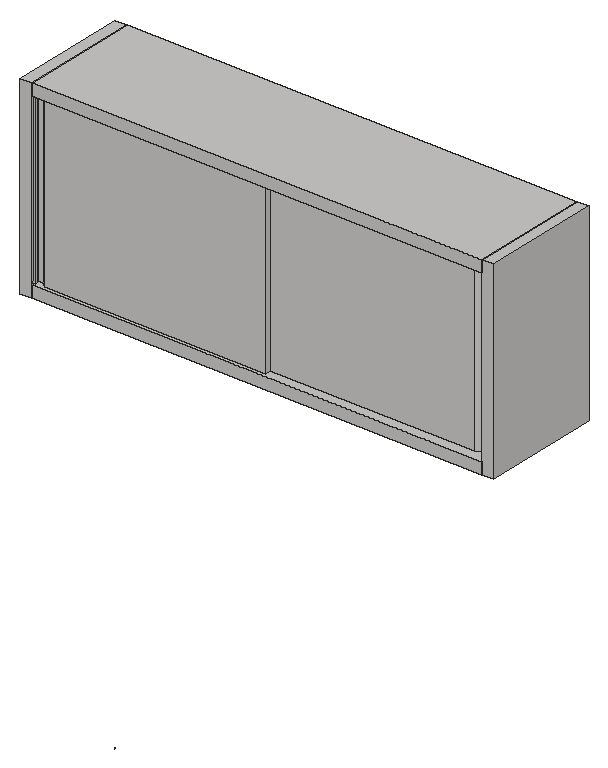
Revit family "QF_ELECTROLUXPROFESSIONAL_133121_PS1600EN", category Attrezzature speciali, Revit 2020
Family settings
  Quota connettore circolare = Usa diametro
  Tipo di parte = Normale
  Basato su piano di lavoro = No
  Sempre verticale = Sì
  Taglio con vuoti quando caricato = No
  Condiviso = No
  Punto di calcolo locali = No
Parameters (values of type "Standard")
  Weight = 31.00 kg
  Watts = 0 W
  Volts = 0 V
  URL Manufacturer = "https://www.electroluxprofessional.com/"
  URL = "https://www.electroluxprofessional.com/"
  Steam Supply Size = 0 mm
  Steam Supply Minimum Pressure = 0.0 Pa
  Steam Supply Maximum Pressure = 0.0 Pa
  Steam Consumption per Hour = 0
  Refrigeration Suction Line Size = 0.0 mm
  Refrigeration Liquid Line Size = 0.0 mm
  Refrigerant Compressor Remote = yes
  Prospetto di default = 0.0 mm
  Phase = 0
  Modello = "PS1600EN"
  Produttore = "Electrolux Professional"
  Length Actual = 1600.0 mm  # constant formula
  Item Number = "133121"
  Hot Water Size = 0 mm
  Height Actual = 650.0 mm  # constant formula
  HP = "0 HP"
  Gas Size = 0 mm
  Gas KW = 0
  Gas Input Pressure = 0 W
  Direct Waste Size = 0 mm
  Descrizione = "WALL CUPBOARD W/2 SLIDING DOORS 1600 MM"
  Depth Actual = 400.0 mm  # constant formula
  Cycle = 0 Hz
  Condensate Return Size = 0 mm
  Compressed Air Volume = 0.0 L/s
  Compressed Air Size = 0 mm
  Compressed Air Pressure = 0.0 Pa
  Cold Water Size = 0 mm
  Accessory = yes
Reference planes
  plane 1 "Center (Front/Back)": y = 0
  plane 2: z = 0
  plane 3 "Center (Left/Right)": x = -300
  plane 4 "LEFT": x = -1100
  plane 5 "RIGHT": x = 500
  plane 6 "BACK": y = 200
  plane 7 "FRONT": y = -200
  plane 8 "Base": z = 2200
  plane 9 "BASE": z = 1550
  plane 10: x = -1060
  plane 11: x = 460
  plane 12: y = -197
  plane 13: y = 150
  plane 14: y = 197
Forms (mm)
  Extrusion 1, solid, material "QF_Finishes_Stainless Steel"
    sketch origin (0, 0, 1550) x (-1, 0, 0) y (0, -1, 0)
      loop
        line (1100, -200) -> (1100, 200) -> (1060, 200) -> (1060, -200) -> (1100, -200)
      loop
        line (-460, -200) -> (-460, 200) -> (-500, 200) -> (-500, -200) -> (-460, -200)
    from 0 to 650
  Extrusion 2, solid, material "QF_Finishes_Stainless Steel"
    sketch origin (0, 0, 1550) x (-1, 0, 0) y (0, -1, 0)
      loop
        line (1060, 200) -> (-460, 200) -> (-460, -200) -> (1060, -200) -> (1060, 200)
    from 0 to 40
  Extrusion 3, solid, material "QF_Finishes_Stainless Steel"
    sketch origin (0, 0, 0) x (1, 0, 0) y (0, 1, 0)
      loop
        line (-1060, -200) -> (460, -200) -> (460, 200) -> (-1060, 200) -> (-1060, -200)
    from 2160 to 2200
  Extrusion 4, solid, material "QF_Finishes_Stainless Steel"
    sketch origin (0, 0, 0) x (1, 0, 0) y (0, 1, 0)
      loop
        line (-273.481, -197) -> (-273.481, -177) -> (-1057, -177) -> (-1057, -197) -> (-1047, -197) -> (-1047, -194) -> (-1054, -194) -> (-1054, -182) -> (-1037, -182) -> (-1017, -197) -> (-273.481, -197)
    from 1597 to 2160
  Extrusion 5, solid, material "QF_Finishes_Stainless Steel"
    sketch origin (0, 0, 0) x (1, 0, 0) y (0, 1, 0)
      loop
        line (-326.5, -177) -> (417, -177) -> (437, -162) -> (454, -162) -> (454, -174) -> (447, -174) -> (447, -177) -> (457, -177) -> (457, -157) -> (-326.5, -157) -> (-326.5, -177)
    from 2160 to 1597
  Extrusion 6, solid, material "QF_Finishes_Stainless Steel"
    sketch origin (0, 0, 0) x (1, 0, 0) y (0, 1, 0)
      loop
        line (-273.481, 197) -> (-1017, 197) -> (-1037, 182) -> (-1054, 182) -> (-1054, 194) -> (-1047, 194) -> (-1047, 197) -> (-1057, 197) -> (-1057, 177) -> (-273.481, 177) -> (-273.481, 197)
    from 1597 to 2160
  Extrusion 7, solid, material "QF_Finishes_Stainless Steel"
    sketch origin (0, 0, 0) x (1, 0, 0) y (0, 1, 0)
      loop
        line (-326.5, 177) -> (-326.5, 157) -> (457, 157) -> (457, 177) -> (447, 177) -> (447, 174) -> (454, 174) -> (454, 162) -> (437, 162) -> (417, 177) -> (-326.5, 177)
    from 2160 to 1597
  Extrusion 8, solid, material "QF_Finishes_Stainless Steel"
    sketch origin (0, 0, 0) x (1, 0, 0) y (0, 1, 0)
      loop
        line (-1100, 200) -> (-1100, 199) -> (-1099, 199) -> (-1099, 200) -> (-1100, 200)
    from 0 to 1
Lines and regions (mm)
  symbolic lines, style "SpecialityEquipmentHiddenLines"
    curve 1: line (457, -157, 0) -> (-326.5, -157, 0)
    curve 2: line (-326.5, -157, 0) -> (-326.5, -177, 0)
    curve 3: line (417, -177, 0) -> (-1057, -177, 0)
    curve 4: line (-273.5, -177, 0) -> (-273.5, -197, 0)
    curve 5: line (-1057, -177, 0) -> (-1057, -197, 0)
    curve 6: line (-1028, -182, 0) -> (-1054, -182, 0)
    curve 20: line (457, 157, 0) -> (-326.5, 157, 0)
    curve 21: line (-326.5, 157, 0) -> (-326.5, 177, 0)
    curve 22: line (417, 177, 0) -> (-1057, 177, 0)
    curve 23: line (-273.5, 177, 0) -> (-273.5, 197, 0)
    curve 24: line (-1057, 177, 0) -> (-1057, 197, 0)
    curve 39: line (-1017, -197, 0) -> (-273.5, -197, 0)
    curve 40: line (-1057, -197, 0) -> (-1047, -197, 0)
    curve 41: line (-1047, 197, 0) -> (-1057, 197, 0)
    curve 42: line (-1017, 197, 0) -> (-273.5, 197, 0)
    curve 43: line (-1017, 197, 0) -> (-1034.75, 183.688, 0)
    curve 44: line (-1028, 182, 0) -> (-1054, 182, 0)
  symbolic lines
    curve 7: line (-1100, 200, 0) -> (500, -200, 0)
    curve 8: line (500, 200, 0) -> (-1100, -200, 0)
    curve 9: line (-1028, -182, 0) -> (-1017, -197, 0)
    curve 10: line (-1054, -182, 0) -> (-1054, -194, 0)
    curve 11: line (-1054, -194, 0) -> (-1047, -194, 0)
    curve 12: line (-1047, -194, 0) -> (-1047, -197, 0)
    curve 13: line (457, -157, 0) -> (457, -177, 0)
    curve 14: line (457, -177, 0) -> (447, -177, 0)
    curve 15: line (447, -177, 0) -> (447, -174, 0)
    curve 16: line (447, -174, 0) -> (454, -174, 0)
    curve 17: line (454, -174, 0) -> (454, -162, 0)
    curve 18: line (454, -162, 0) -> (437, -162, 0)
    curve 19: line (417, -177, 0) -> (437, -162, 0)
    curve 25: line (-1054, 182, 0) -> (-1054, 194, 0)
    curve 26: line (-1054, 194, 0) -> (-1047, 194, 0)
    curve 27: line (-1047, 194, 0) -> (-1047, 197, 0)
    curve 28: line (457, 157, 0) -> (457, 177, 0)
    curve 29: line (457, 177, 0) -> (447, 177, 0)
    curve 30: line (447, 177, 0) -> (447, 174, 0)
    curve 31: line (447, 174, 0) -> (454, 174, 0)
    curve 32: line (454, 174, 0) -> (454, 162, 0)
    curve 33: line (454, 162, 0) -> (437, 162, 0)
    curve 34: line (417, 177, 0) -> (437, 162, 0)
    curve 35: line (-1100, 200, 0) -> (500, 200, 0)
    curve 36: line (-1100, -200, 0) -> (-1100, 200, 0)
    curve 37: line (500, -200, 0) -> (-1100, -200, 0)
    curve 38: line (500, 200, 0) -> (500, -200, 0)
Dimensions and locks
  plane 4 "LEFT" to plane 5 "RIGHT" = 1600.0 mm
  equal spacing: plane 4 "LEFT", plane 3 "Center (Left/Right)", plane 5 "RIGHT"
  plane 6 "BACK" to plane 7 "FRONT" = 400.0 mm
  equal spacing: plane 6 "BACK", plane 1 "Center (Front/Back)", plane 7 "FRONT"
  plane 9 "BASE" to level = 1550.0 mm
  locked: plane 4 "LEFT" to plane 10 at 40
  locked: plane 11 to plane 5 "RIGHT" at 40
  plane 12 to plane 7 "FRONT" = 3.0 mm
  plane 6 "BACK" to plane 13 = 50.0 mm
  locked: plane 8 "Base" to plane 9 "BASE" at 650
  aligned and locked: level to plane 2
  aligned and locked: plane 8 "Base" to Extrusion 1
  aligned and locked: plane 6 "BACK" to Extrusion 1 sketch curve
  aligned and locked: Extrusion 1 sketch curve to plane 6 "BACK"
  aligned and locked: plane 7 "FRONT" to Extrusion 1 sketch curve
  aligned and locked: Extrusion 1 sketch curve to plane 7 "FRONT"
  aligned and locked: plane 10 to Extrusion 1
  aligned and locked: Extrusion 1 to plane 11
  aligned and locked: Extrusion 2 to plane 10
  aligned and locked: plane 11 to Extrusion 2
  aligned and locked: plane 8 "Base" to Extrusion 3
  aligned and locked: Extrusion 3 to plane 7 "FRONT"
  aligned and locked: Extrusion 2 to plane 7 "FRONT"
  aligned and locked: curve 43 to Extrusion 6
  aligned and locked: curve 44 to Extrusion 6
Automatic sketch dimensions
  Extrusion 1 sketch curve to plane 5 "RIGHT" = 0.0 mm
  Extrusion 1 sketch curve to plane 11 = 0.0 mm
  Extrusion 1 sketch curve to plane 10 = 0.0 mm
  Extrusion 1 sketch curve to plane 4 "LEFT" = 0.0 mm
  Extrusion 3 sketch curve to plane 10 = 0.0 mm
  Extrusion 3 sketch curve to plane 11 = 0.0 mm
  Extrusion 3 sketch curve to plane 12 = 3.0 mm
  Extrusion 3 sketch curve to plane 14 = 3.0 mm
  Extrusion 4 sketch curve to plane 12 = 0.0 mm  (x2)
  plane 10 to Extrusion 4 sketch curve = 3.0 mm
  Extrusion 4 sketch curve to Extrusion 4 sketch curve = 3.0 mm
  Extrusion 4 sketch curve to Extrusion 4 sketch curve = 7.0 mm
  Extrusion 4 sketch curve to Extrusion 4 sketch curve = 10.0 mm
  plane 3 "Center (Left/Right)" to Extrusion 4 sketch curve = 26.519 mm
  plane 12 to Extrusion 4 sketch curve = 3.0 mm
  Extrusion 4 sketch curve to Extrusion 4 sketch curve = 12.0 mm
  Extrusion 4 sketch curve to Extrusion 4 sketch curve = 20.0 mm  (x2)
  Extrusion 4 sketch curve to Extrusion 4 sketch curve = 0.0 mm
  Extrusion 5 sketch curve to plane 3 "Center (Left/Right)" = 26.5 mm
  plane 12 to Extrusion 5 sketch curve = 20.0 mm  (x2)
  Extrusion 5 sketch curve to plane 11 = 43.0 mm
  Extrusion 5 sketch curve to plane 11 = 23.0 mm
  Extrusion 5 sketch curve to plane 11 = 13.0 mm
  Extrusion 5 sketch curve to plane 11 = 6.0 mm
  Extrusion 5 sketch curve to plane 11 = 3.0 mm
  Extrusion 5 sketch curve to Extrusion 5 sketch curve = 3.0 mm
  Extrusion 5 sketch curve to Extrusion 5 sketch curve = 12.0 mm
  Extrusion 5 sketch curve to Extrusion 5 sketch curve = 20.0 mm
  plane 14 to Extrusion 6 sketch curve = 0.0 mm  (x2)
  Extrusion 6 sketch curve to plane 10 = 3.0 mm
  Extrusion 6 sketch curve to Extrusion 6 sketch curve = 3.0 mm
  Extrusion 6 sketch curve to Extrusion 6 sketch curve = 7.0 mm
  Extrusion 6 sketch curve to Extrusion 6 sketch curve = 10.0 mm
  Extrusion 6 sketch curve to plane 3 "Center (Left/Right)" = 26.519 mm
  Extrusion 6 sketch curve to plane 14 = 3.0 mm
  Extrusion 6 sketch curve to Extrusion 6 sketch curve = 12.0 mm
  Extrusion 6 sketch curve to Extrusion 6 sketch curve = 20.0 mm  (x2)
  Extrusion 6 sketch curve to Extrusion 6 sketch curve = 0.0 mm
  plane 3 "Center (Left/Right)" to Extrusion 7 sketch curve = 26.5 mm
  Extrusion 7 sketch curve to plane 14 = 20.0 mm  (x2)
  plane 11 to Extrusion 7 sketch curve = 43.0 mm
  plane 11 to Extrusion 7 sketch curve = 23.0 mm
  plane 11 to Extrusion 7 sketch curve = 13.0 mm
  plane 11 to Extrusion 7 sketch curve = 6.0 mm
  plane 11 to Extrusion 7 sketch curve = 3.0 mm
  Extrusion 7 sketch curve to Extrusion 7 sketch curve = 3.0 mm
  Extrusion 7 sketch curve to Extrusion 7 sketch curve = 12.0 mm
  plane 13 to Extrusion 7 sketch curve = 7.0 mm
  Extrusion 8 sketch curve to plane 6 "BACK" = 0.0 mm
  Extrusion 8 sketch curve to plane 4 "LEFT" = 0.0 mm
  plane 4 "LEFT" to Extrusion 8 sketch curve = 1.0 mm
  Extrusion 8 sketch curve to plane 6 "BACK" = 1.0 mm
  curve 37 to plane 4 "LEFT" = 0.0 mm
  curve 5 to plane 12 = 0.0 mm
  plane 14 to curve 24 = 0.0 mm
  curve 39 to plane 12 = 0.0 mm
  curve 38 to plane 5 "RIGHT" = 0.0 mm
  curve 7 to plane 7 "FRONT" = 0.0 mm
  curve 7 to plane 6 "BACK" = 0.0 mm
  plane 10 to curve 24 = 3.0 mm
  plane 10 to curve 5 = 3.0 mm
  curve 24 to curve 25 = 3.0 mm
  curve 3 to curve 6 = 3.0 mm
  plane 12 to curve 12 = 3.0 mm
  curve 10 to curve 12 = 7.0 mm
  curve 25 to curve 27 = 7.0 mm
  curve 12 to curve 39 = 30.0 mm
  curve 1 to plane 3 "Center (Left/Right)" = 26.5 mm
  curve 20 to plane 13 = 7.0 mm
  curve 20 to plane 3 "Center (Left/Right)" = 26.5 mm
  plane 3 "Center (Left/Right)" to curve 23 = 26.5 mm
  plane 3 "Center (Left/Right)" to curve 39 = 26.5 mm
  plane 12 to curve 3 = 20.0 mm
  curve 3 to plane 11 = 43.0 mm
  curve 34 to plane 11 = 43.0 mm
  curve 34 to plane 11 = 23.0 mm
  curve 18 to plane 11 = 23.0 mm
  curve 14 to plane 11 = 13.0 mm
  curve 29 to plane 11 = 13.0 mm
  curve 32 to plane 11 = 6.0 mm
  curve 17 to plane 11 = 6.0 mm
  curve 29 to plane 11 = 3.0 mm
  curve 13 to plane 11 = 3.0 mm
  curve 6 to curve 3 = 5.0 mm
  plane 12 to curve 13 = 20.0 mm
  curve 14 to curve 16 = 3.0 mm
  curve 15 to curve 19 = 12.0 mm
  curve 2 to curve 2 = 20.0 mm
  curve 20 to curve 33 = 5.0 mm
  curve 32 to curve 31 = 12.0 mm
  curve 31 to curve 28 = 3.0 mm
  plane 14 to curve 26 = 3.0 mm
  plane 12 to curve 9 = 15.0 mm
  Extrusion 2 sketch curve to plane 7 "FRONT" = 0.0 mm
  Extrusion 2 sketch curve to plane 6 "BACK" = 0.0 mm
  Extrusion 2 sketch curve to plane 11 = 0.0 mm
  Extrusion 2 sketch curve to plane 10 = 0.0 mm
  plane 14 to curve 42 = 0.0 mm
  curve 22 to curve 25 = 5.0 mm
